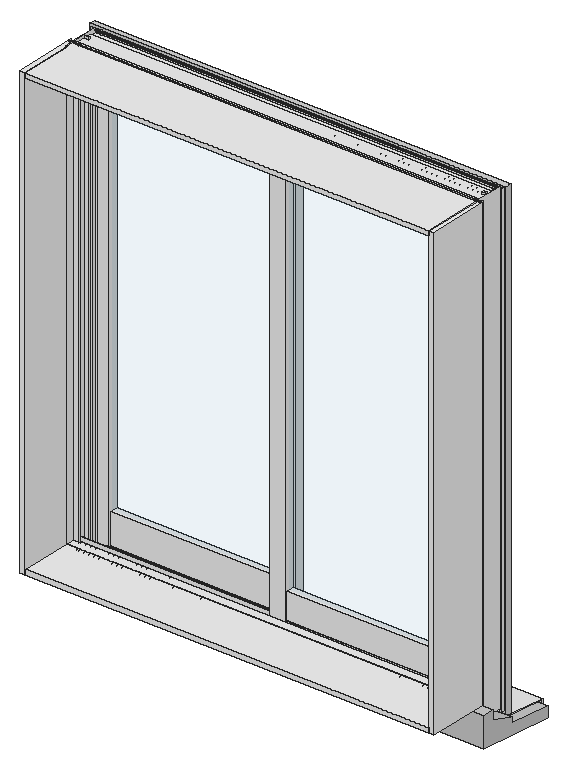
Revit family "K施_窓_01_RC開口_抱有_水切有", category 窓, Revit 2019
Family settings
  ホスト = 壁
  OmniClass 番号 = 23.30.20.00
  OmniClass タイトル = Windows
  常に垂直 = はい
  ロード時にボイドで切り取り = はい
  共有 = いいえ
  部屋計算ポイント = いいえ
Parameters (values of type "AW-0_腰壁（額無・外壁吹付）")
  高さ = 1080 mm
  額縁（上下）負け = 0 mm
  額縁見付 = 12.5 mm
  額縁ちり = 0 mm
  額縁_下枠 = yes
  Description = ""
  解析用性能 = "<なし>"
  水切欠込H = 50 mm
  水切り働き寸法 = 115 mm
  水切り = yes
  既定値の敷居の高さ [instance] = 800 mm
  掃き出し_見切り（KB.YMバリアフリー） = no
  外装抱き仕上 = no
  抱きタイル厚 = 15 mm
  開口処理 = ホスト別
  幅 = 975 mm
  出入表記（掃出し） = no
  出入表記（マタギ） = no
  出入表記距離 [instance] = 200 mm
  仕上厚_外壁 [instance] = 10 mm
  仕上厚_内壁 [instance] = 120 mm
  マテリアル_額縁 = 施04_乾式壁_石膏ﾎﾞｰﾄﾞ
  マテリアル_外壁仕上 = 施03_ﾀｲﾙ_045x95_5目地_肌
  マテリアル_カイダー床見切り = 施06_木材2_額縁_ﾅﾁｭﾗﾙ
  RC_開口H = 高さ + RC_H_逃げ_上端 + RC_H_逃げ_下端  # 1185 mm
  RC_腰ｈ [instance] = 既定値の敷居の高さ - RC_H_逃げ_下端  # 715 mm
  RC_抱き転び = 10 mm
  RC_抱き見込 = 85 mm
  RC_下端転び = 20 mm
  RC_W_逃げ = 15 mm
  RC_W_抱き深さ = 40 mm
  RC_開口W = 幅 + RC_W_逃げ * 2  # 1005 mm
  RC_H_逃げ_下端 = 85 mm
  RC_H_逃げ_上端 = 20 mm
  RC_H_抱き深さ = 40 mm
  AW見込 = 70 mm
  AW見付_W = 15 mm
  AW見付_H（室内額縁） = 15 mm
Types (8, lengths in mm): name | 高さ | 額縁（上下）負け | 額縁見付 | 額縁ちり | 額縁_下枠 | Description | 水切欠込H | 水切り働き寸法 | 既定値の敷居の高さ | 掃き出し_見切り（KB.YMバリアフリー） | 外装抱き仕上 | 出入表記（掃出し） | マテリアル_額縁 | RC_開口H | RC_腰ｈ | RC_W_逃げ | RC_W_抱き深さ | RC_開口W | RC_H_逃げ_下端 | RC_H_逃げ_上端 | RC_H_抱き深さ
  AW-0_腰窓（額有・外壁タイル） | 1080 | 3 | 25 | 10 | yes | "株式会社和建築設計事務所" | 50 | 125 | 800 | no | yes | no | 施06_木材2_額縁_ﾅﾁｭﾗﾙ | 1200 | 715 | 30 | 25 | 1035 | 85 | 35 | 25
  AW-0_掃き出し（額無・外壁タイル） | 1880 | 0 | 12.5 | 0 | no | "株式会社和建築設計事務所" | 115 | 125 | 0 | yes | yes | yes | 施04_乾式壁_石膏ﾎﾞｰﾄﾞ | 2065 | -150 | 30 | 25 | 1035 | 150 | 35 | 25
  AW-0_腰窓（額無・外壁タイル） | 1080 | 0 | 12.5 | 0 | yes | "株式会社和建築設計事務所" | 50 | 125 | 800 | no | yes | no | 施04_乾式壁_石膏ﾎﾞｰﾄﾞ | 1200 | 715 | 30 | 25 | 1035 | 85 | 35 | 25
  AW-0_掃き出し（額有・外壁タイル） | 1880 | 3 | 25 | 10 | no | "株式会社和建築設計事務所" | 115 | 125 | 0 | yes | yes | yes | 施06_木材2_額縁_ﾅﾁｭﾗﾙ | 2065 | -150 | 30 | 25 | 1035 | 150 | 35 | 25
  AW-0_腰壁（額無・外壁吹付） | 1080 | 0 | 12.5 | 0 | yes | "" | 50 | 115 | 800 | no | no | no | 施04_乾式壁_石膏ﾎﾞｰﾄﾞ | 1185 | 715 | 15 | 40 | 1005 | 85 | 20 | 40
  AW-0_掃き出し（額無・外壁吹付） | 1880 | 0 | 12.5 | 0 | no | "株式会社和建築設計事務所" | 115 | 115 | 0 | yes | no | yes | 施04_乾式壁_石膏ﾎﾞｰﾄﾞ | 2050 | -150 | 15 | 40 | 1005 | 150 | 20 | 40
  AW-0_腰壁（額有・外壁吹付） | 1080 | 3 | 25 | 10 | yes | "株式会社和建築設計事務所" | 50 | 115 | 800 | no | no | no | 施06_木材2_額縁_ﾅﾁｭﾗﾙ | 1185 | 715 | 15 | 40 | 1005 | 85 | 20 | 40
  AW-0_掃き出し（額有・外壁吹付） | 1880 | 3 | 25 | 10 | no | "株式会社和建築設計事務所" | 115 | 115 | 0 | yes | no | yes | 施06_木材2_額縁_ﾅﾁｭﾗﾙ | 2050 | -150 | 15 | 40 | 1005 | 150 | 20 | 40
Reference planes
  plane 1 "中心(正面/背面)": y = 0
  plane 2 "中心(左/右)": x = 0
  plane 3 "左": x = -487.5
  plane 4 "右": x = 487.5
  plane 5 "敷居": z = 800
  plane 6 "上枠": z = 1880
  plane 7 "外部": y = 100
  plane 8 "内壁": y = -100
  plane 9 "RC抱き_左": x = -502.5
  plane 10 "RC抱き_右": x = 502.5
  plane 11 "RC抱き深さ_左": x = -542.5
  plane 12 "RC抱き深さ_右": x = 542.5
  plane 13: y = 15
  plane 14: y = 5
  plane 15 "RC_抱き_上": z = 1900
  plane 16 "RC_抱き深さ_上": z = 1940
  plane 17: z = 715
  plane 18: z = 695
  plane 19 "内壁仕上面": y = -220
  plane 20 "外壁仕上面": y = 110
  plane 21 "サッシ外面": y = 0
  plane 22 "サッシ内面": y = -70
  plane 23: y = 65
  plane 24: y = -220
  plane 25 "AW見付_W_左": x = -502.5
  plane 26 "AW見付_上": z = 1895
  plane 27 "AW見付_W_右": x = 502.5
  plane 28 "額縁_右": x = 515
  plane 29 "額縁_左": x = -515
  plane 30 "額縁_下": z = 787.5
  plane 31 "額縁_上": z = 1907.5
  plane 32 "サッシ芯": y = -35
  plane 33: y = 300
Forms (mm)
  Blend 1, void
    base sketch origin (0, -100, 0) x (1, 0, 0) y (0, 0, 1)
      loop
        line (-542.5, 1940) -> (-542.5, 715) -> (542.5, 715) -> (542.5, 1940) -> (-542.5, 1940)
    top sketch origin (0, -100, 0) x (1, 0, 0) y (0, 0, 1)
      loop
        line (-502.5, 1900) -> (-502.5, 715) -> (502.5, 715) -> (502.5, 1900) -> (-502.5, 1900)
    from -105 to -115
  Extrusion 2, void
    sketch origin (0, -100, 0) x (1, 0, 0) y (0, 0, 1)
      loop
        line (-502.5, 1900) -> (-502.5, 715) -> (502.5, 715) -> (502.5, 1900) -> (-502.5, 1900)
    from -115 to -200
  Extrusion 3, void
    sketch origin (-487.5, 0, 0) x (0, -1, 0) y (0, 0, 1)
      loop
        line (100, 715) -> (-5, 715) -> (-5, 754.749) -> (-110, 744.249) -> (-110, 694) -> (100, 715)
    from 55 to -1030
  Extrusion 4, solid, material "施04_乾式壁_石膏ﾎﾞｰﾄﾞ" <- "マテリアル_額縁", detail levels fine
    sketch origin (0, 0, 0) x (1, 0, 0) y (0, 1, 0)
      loop
        line (-505.5, -70) -> (-515, -70) -> (-515, -220) -> (-502.5, -220) -> (-502.5, -90) -> (-505.5, -90) -> (-505.5, -70)
      loop
        line (505.5, -70) -> (505.5, -90) -> (502.5, -90) -> (502.5, -220) -> (515, -220) -> (515, -70) -> (505.5, -70)
    from 787.5 to 1907.5
  Extrusion 5, solid, material "施04_乾式壁_石膏ﾎﾞｰﾄﾞ" <- "マテリアル_額縁", detail levels fine
    sketch origin (487.5, 0, 0) x (0, -1, 0) y (0, 0, 1)
      loop
        line (70, 1907.5) -> (70, 1898) -> (90, 1898) -> (90, 1895) -> (220, 1895) -> (220, 1907.5) -> (70, 1907.5)
    from -15 to 990
  Extrusion 6, solid, material "施04_乾式壁_石膏ﾎﾞｰﾄﾞ" <- "マテリアル_額縁", visible <- "額縁_下枠", detail levels fine
    sketch origin (487.5, 0, 0) x (0, -1, 0) y (0, 0, 1)
      loop
        line (90, 800) -> (90, 797) -> (70, 797) -> (70, 787.5) -> (220, 787.5) -> (220, 800) -> (90, 800)
    from -15 to 990
  Sweep 7, solid, material "施03_ﾀｲﾙ_045x95_5目地_肌" <- "マテリアル_外壁仕上", visible <- "外装抱き仕上", detail levels fine
    path origin (0, 100, 0) x (1, 0, 0) y (0, 0, 1)
      loop
        line (-502.5, 715) -> (-502.5, 1900) -> (502.5, 1900) -> (502.5, 715)
    profile origin (0, 100, 1900) x (0, 0, 1) y (0, -1, 0)
      loop
        line (0, 85) -> (-15, 85) -> (-15, 0) -> (0, 0) -> (0, 85)
  Sweep 8, solid, material "施10_その他_ｼｰﾘﾝｸﾞ目地", detail levels fine
    path origin (0, 0, 0) x (1, 0, 0) y (0, 0, 1)
      loop
        line (502.5, 715) -> (502.5, 1900) -> (-502.5, 1900) -> (-502.5, 715)
    profile origin (0, 0, 1900) x (0, 0, -1) y (0, -1, 0)
      loop
        line (0, -15) -> (0, 0) -> (-15, 0) -> (-15, -15) -> (0, -15)
  Extrusion 9, void
    sketch origin (487.5, 0, 0) x (0, -1, 0) y (0, 0, 1)
      loop
        line (-5, 1940) -> (-5, 715) -> (100, 715) -> (100, 1940) -> (-5, 1940)
    from -55 to 1030
  Extrusion 10, void
    sketch origin (487.5, 0, 0) x (0, -1, 0) y (0, 0, 1)
      loop
        line (-110, 1885) -> (-110, 710.5) -> (-25, 710.5) -> (-25, 1885) -> (-110, 1885)
    from -15 to 990
  Extrusion 11, void
    sketch origin (0, 0, 0) x (0, -1, 0) y (0, 0, 1)
      loop
        line (100, 1907.5) -> (100, 787.5) -> (220, 787.5) -> (220, 1907.5) -> (100, 1907.5)
    from -515 to 515
  Sweep 12, solid, material "施06_木材2_額縁_ﾅﾁｭﾗﾙ" <- "マテリアル_カイダー床見切り", visible <- "掃き出し_見切り（KB.YMバリアフリー）", detail levels fine
    path origin (0, -70, 0) x (-1, 0, 0) y (0, 0, 1)
      loop
        line (502.5, 800) -> (-502.5, 800)
    profile "T施_プロ00_カイダーYM型W35. : T施_プロ00_カイダーYM型W35." origin (0, -70, 800) x (0, 0, -1) y (0, 1, 0)
      loop
        line (0, -55) -> (0, -42.7) -> (12, -42.7) -> (12, -20) -> (8, -20)
        arc (8, -20) -> (7.293, -19.707) -> (7, -19) r 1
        line (7, -19) -> (7, -10)
        arc (7, -10) -> (7.293, -9.293) -> (8, -9) r 1
        arc (8, -9) -> (8.707, -9.293) -> (9, -10) r 1
        line (9, -10) -> (9, -13) -> (12, -13) -> (12, -6) -> (4, -6) -> (3, -7) -> (3, -20) -> (-2.5, -20) -> (-2.5, -52.042)
        arc (-2.5, -52.042) -> (-1.791, -53.978) -> (0, -55) r 3
  Extrusion 13, solid, material "施01_CON/ALC/AL_CON_充填ﾓﾙﾀﾙ", detail levels fine
    sketch origin (487.5, 0, 0) x (0, -1, 0) y (0, 0, 1)
      loop
        line (-100, 722.505) -> (-100, 695) -> (100, 715) -> (100, 787.5) -> (70, 787.5) -> (70, 765) -> (13, 746.207) -> (13, 733.76) -> (-100, 722.505)
    from -55 to 1030
Cuts and joins
  Extrusion 10 cuts Extrusion 5
  Extrusion 10 cuts Extrusion 6
  Extrusion 3, Extrusion 10 cuts Sweep 7
  Extrusion 10 cuts Sweep 8
Lines and regions (mm)
  Masking region 1, detail levels fine
    outline origin (0, 0, 0) x (1, 0, 0) y (0, 1, 0)
      loop
        line (20, -15.729) -> (20, -23.154) -> (502.5, -23.154) -> (502.5, -15.729) -> (20, -15.729)
      loop
        line (-20, -46.971) -> (-502.5, -46.971) -> (-502.5, -55.52) -> (-20, -55.52) -> (-20, -46.971)
  symbolic lines, style "RC立面開口範囲", detail levels coarse+medium
    curve 1: line (502.5, 100, 1900) -> (-502.5, 100, 715)
    curve 2: line (-502.5, 100, 1900) -> (502.5, 100, 715)
Text (mm)
  text "外部" at (-1963.203, 1332.353, 0), in view "参照レベル"
  text "内壁" at (-1981.466, -818.386, 0), in view "参照レベル"
  text "外部" at (0, 923.751, 2943.296), in view "右"
  text "外部" at (0, 1040.484, 2685.409), in view "左"
Dimensions and locks
  equal spacing: plane 3 "左", plane 2 "中心(左/右)", plane 4 "右"
  "幅": plane 3 "左" to plane 4 "右"
  "高さ": plane 5 "敷居" to plane 6 "上枠"
  "既定値の敷居の高さ": plane 5 "敷居" to level
  locked: plane 7 "外部" to host wall at 0
  locked: plane 8 "内壁" to host wall
  "RC_W_逃げ": plane 9 "RC抱き_左" to plane 3 "左"
  "RC_W_逃げ": plane 4 "右" to plane 10 "RC抱き_右"
  plane 9 "RC抱き_左" to plane 10 "RC抱き_右" = 1005 mm
  "RC_W_抱き深さ": plane 11 "RC抱き深さ_左" to plane 9 "RC抱き_左"
  "RC_W_抱き深さ": plane 10 "RC抱き_右" to plane 12 "RC抱き深さ_右"
  "RC_抱き見込": plane 13 to plane 7 "外部"
  "RC_抱き転び": plane 14 to plane 13
  "RC_H_逃げ_下端": plane 17 to plane 5 "敷居"
  "RC_下端転び": plane 18 to plane 17
  "RC_H_逃げ_上端": plane 6 "上枠" to plane 15 "RC_抱き_上"
  "RC_H_抱き深さ": plane 15 "RC_抱き_上" to plane 16 "RC_抱き深さ_上"
  "水切欠込H": Extrusion 3 sketch curve to Extrusion 3 sketch curve
  "仕上厚_外壁": plane 20 "外壁仕上面" to plane 7 "外部"
  "仕上厚_内壁": plane 8 "内壁" to plane 19 "内壁仕上面"
  "額縁ちり": plane 19 "内壁仕上面" to plane 24
  "AW見付_W": plane 25 "AW見付_W_左" to plane 3 "左"
  "AW見付_W": plane 4 "右" to plane 27 "AW見付_W_右"
  "額縁見付": plane 29 "額縁_左" to plane 25 "AW見付_W_左"
  "額縁（上下）負け": plane 24 to Extrusion 5 sketch curve
  "額縁（上下）負け": plane 24 to Extrusion 6 sketch curve
  "AW見付_H（室内額縁）": plane 6 "上枠" to plane 26 "AW見付_上"
  "額縁見付": plane 30 "額縁_下" to plane 5 "敷居"
  "額縁見付": plane 26 "AW見付_上" to plane 31 "額縁_上"
  "額縁見付": plane 27 "AW見付_W_右" to plane 28 "額縁_右"
  locked: Extrusion 4 sketch curve to Extrusion 4 sketch curve at 20  (x2)
  locked: Extrusion 4 sketch curve to Extrusion 4 sketch curve at 3  (x2)
  locked: Extrusion 5 sketch curve to Extrusion 5 sketch curve at 20
  locked: Extrusion 5 sketch curve to Extrusion 5 sketch curve at 3
  locked: Extrusion 6 sketch curve to Extrusion 6 sketch curve at 3
  locked: Extrusion 6 sketch curve to Extrusion 6 sketch curve at 20
  "抱きタイル厚": Sweep 7 sketch curve to plane 15 "RC_抱き_上"
  locked: plane 23 to plane 20 "外壁仕上面" at 45
  locked: plane 21 "サッシ外面" to plane 13 at 15
  "AW見込": plane 22 "サッシ内面" to plane 21 "サッシ外面"
  equal spacing: plane 21 "サッシ外面", plane 32 "サッシ芯", plane 22 "サッシ内面"
  locked: Sweep 8 sketch curve to nested 2 at 20
  "出入表記距離": plane 7 "外部" to plane 33
  aligned and locked: plane 16 "RC_抱き深さ_上" to Blend 1 sketch curve
  aligned and locked: Blend 1 sketch curve to plane 11 "RC抱き深さ_左"
  aligned and locked: Blend 1 sketch curve to plane 17  (x2)
  aligned and locked: plane 12 "RC抱き深さ_右" to Blend 1 sketch curve
  aligned and locked: plane 15 "RC_抱き_上" to Blend 1 sketch curve
  aligned and locked: Blend 1 sketch curve to plane 9 "RC抱き_左"
  aligned and locked: plane 10 "RC抱き_右" to Blend 1 sketch curve
  aligned and locked: Blend 1 to plane 13
  aligned and locked: plane 14 to Blend 1
  aligned and locked: plane 15 "RC_抱き_上" to Extrusion 2 sketch curve
  aligned and locked: Extrusion 2 sketch curve to plane 9 "RC抱き_左"
  aligned and locked: Extrusion 2 sketch curve to plane 17
  aligned and locked: plane 10 "RC抱き_右" to Extrusion 2 sketch curve
  aligned and locked: plane 13 to Extrusion 2
  aligned and locked: Extrusion 3 sketch curve to plane 14
  aligned and locked: host wall to Extrusion 3 sketch curve
  aligned and locked: plane 17 to Extrusion 3 sketch curve
  aligned and locked: Extrusion 3 to plane 12 "RC抱き深さ_右"
  aligned and locked: plane 22 "サッシ内面" to Extrusion 4 sketch curve
  aligned and locked: Extrusion 4 sketch curve to plane 25 "AW見付_W_左"
  aligned and locked: Extrusion 4 sketch curve to plane 24
  aligned and locked: plane 29 "額縁_左" to Extrusion 4 sketch curve
  aligned and locked: Extrusion 4 sketch curve to plane 22 "サッシ内面"
  aligned and locked: plane 27 "AW見付_W_右" to Extrusion 4 sketch curve
  aligned and locked: plane 24 to Extrusion 4 sketch curve
  aligned and locked: plane 28 "額縁_右" to Extrusion 4 sketch curve
  aligned and locked: plane 27 "AW見付_W_右" to Extrusion 5
  aligned and locked: plane 25 "AW見付_W_左" to Extrusion 5
  aligned and locked: plane 30 "額縁_下" to Extrusion 4
  aligned and locked: plane 5 "敷居" to Extrusion 6 sketch curve
  aligned and locked: Extrusion 6 sketch curve to plane 22 "サッシ内面"
  aligned and locked: plane 26 "AW見付_上" to Extrusion 5
  aligned and locked: plane 25 "AW見付_W_左" to Extrusion 6
  aligned and locked: Extrusion 4 to plane 31 "額縁_上"
  aligned and locked: plane 27 "AW見付_W_右" to Extrusion 6
  aligned and locked: plane 15 "RC_抱き_上" to Sweep 7 sketch curve  (x2)
  aligned and locked: Sweep 7 sketch curve to plane 13
  aligned and locked: Sweep 7 to plane 23  (x4)
  aligned and locked: plane 23 to Sweep 7  (x3)
  aligned and locked: plane 17 to Sweep 7 sketch curve  (x2)
  aligned and locked: nested 1 to plane 2 "中心(左/右)"
  aligned and locked: nested 1 to plane 32 "サッシ芯"
  aligned and locked: nested 2 to plane 2 "中心(左/右)"
  aligned and locked: nested 2 to plane 32 "サッシ芯"
  aligned and locked: plane 25 "AW見付_W_左" to Sweep 8 sketch curve
  aligned and locked: Sweep 8 sketch curve to plane 27 "AW見付_W_右"
  aligned and locked: plane 17 to Sweep 8 sketch curve  (x2)
  aligned and locked: plane 11 "RC抱き深さ_左" to Extrusion 9
  aligned and locked: Extrusion 9 to plane 12 "RC抱き深さ_右"
  aligned and locked: host wall to Extrusion 2
  aligned and locked: Extrusion 10 sketch curve to Sweep 7
  aligned and locked: Extrusion 10 sketch curve to nested 1
  aligned and locked: Extrusion 10 to plane 25 "AW見付_W_左"
  aligned and locked: plane 27 "AW見付_W_右" to Extrusion 10
  aligned and locked: plane 31 "額縁_上" to Extrusion 11 sketch curve
  aligned and locked: Extrusion 11 sketch curve to plane 30 "額縁_下"
  aligned and locked: plane 24 to Extrusion 11 sketch curve
  aligned and locked: Extrusion 11 to plane 28 "額縁_右"
  aligned and locked: plane 29 "額縁_左" to Extrusion 11
  aligned and locked: Sweep 7 sketch curve to plane 7 "外部"
  aligned and locked: Masking region 1 sketch curve to nested 2
  aligned and locked: plane 25 "AW見付_W_左" to Masking region 1 sketch curve
  aligned and locked: nested 2 to Masking region 1 sketch curve
  aligned and locked: Masking region 1 sketch curve to plane 27 "AW見付_W_右"
  aligned and locked: host wall to Extrusion 13 sketch curve  (x2)
  aligned and locked: Extrusion 13 to plane 12 "RC抱き深さ_右"
  aligned and locked: plane 11 "RC抱き深さ_左" to Extrusion 13
  aligned and locked: Extrusion 13 sketch curve to Extrusion 11
  aligned and locked: nested 1 to Extrusion 13 sketch curve  (x2)
  aligned and locked: Extrusion 3 sketch curve to plane 20 "外壁仕上面"
  aligned and locked: cut or joined group of Extrusion 3, Sweep 7, Extrusion 10 to cut or joined group of Extrusion 3, Sweep 7, Extrusion 10
  aligned and locked: nested 3 to plane 2 "中心(左/右)"
  aligned and locked: plane 33 to nested 3
  aligned and locked: plane 8 "内壁" to Extrusion 11 sketch curve
  aligned and locked: Extrusion 9 sketch curve to plane 8 "内壁"
  aligned and locked: plane 11 "RC抱き深さ_左" to Extrusion 3
Automatic sketch dimensions
  plane 9 "RC抱き_左" to curve 1 = 0 mm
  plane 9 "RC抱き_左" to curve 2 = 0 mm
  plane 10 "RC抱き_右" to curve 2 = 0 mm
  plane 10 "RC抱き_右" to curve 1 = 0 mm
  curve 1 to plane 17 = 0 mm
  curve 2 to plane 17 = 0 mm
  curve 2 to plane 15 "RC_抱き_上" = 0 mm
  curve 1 to plane 15 "RC_抱き_上" = 0 mm
  plane 9 "RC抱き_左" to Sweep 7 sketch curve = 0 mm
  plane 10 "RC抱き_右" to Sweep 7 sketch curve = 0 mm
  plane 22 "サッシ内面" to Masking region 1 sketch curve = 14.48 mm
  Masking region 1 sketch curve to Masking region 1 sketch curve = 8.548 mm
  plane 32 "サッシ芯" to Masking region 1 sketch curve = 11.846 mm
  Masking region 1 sketch curve to Masking region 1 sketch curve = 7.425 mm
  Sweep 8 sketch curve to plane 21 "サッシ外面" = 0 mm
  Sweep 8 sketch curve to profile plane = 0 mm
  profile plane to Sweep 8 sketch curve = 15 mm
  Sweep 8 sketch curve to Sweep 8 sketch curve = 15 mm
  plane 24 to Extrusion 10 sketch curve = 245 mm
  Extrusion 10 sketch curve to plane 20 "外壁仕上面" = 0 mm
  Sweep 12 sketch curve to plane 5 "敷居" = 0 mm
  Sweep 12 sketch curve to plane 27 "AW見付_W_右" = 0 mm
  plane 25 "AW見付_W_左" to Sweep 12 sketch curve = 0 mm
  plane 18 to Extrusion 13 sketch curve = 0 mm
  plane 17 to Extrusion 13 sketch curve = 0 mm
  host wall to Extrusion 13 sketch curve = 13 mm
  Extrusion 13 sketch curve to Extrusion 13 sketch curve = 12.448 mm
  Extrusion 13 sketch curve to Extrusion 13 sketch curve = 22.5 mm
  Extrusion 9 sketch curve to plane 14 = 0 mm
  plane 17 to Extrusion 9 sketch curve = 0 mm
  plane 16 "RC_抱き深さ_上" to Extrusion 9 sketch curve = 0 mm
  plane 18 to Extrusion 3 sketch curve = 1 mm
  Extrusion 5 sketch curve to plane 22 "サッシ内面" = 0 mm
  plane 26 "AW見付_上" to Extrusion 5 sketch curve = 0 mm
  plane 31 "額縁_上" to Extrusion 5 sketch curve = 0 mm
  plane 30 "額縁_下" to Extrusion 6 sketch curve = 0 mm
Nested families
  nested 1: "T施_窓00_AW枠_引き違い" at (0, -35, 800), 高さ <- "高さ", 幅 <- "幅", built-in parameter 1001364 <- "既定値の敷居の高さ", type "T施_窓00_AW枠_引き違い", detail levels fine
    with 高さ 1080 mm, 幅 975 mm, 水切働き寸法 115 mm
  nested 2: "T施_窓00_AW障子_引き違い" at (0, -35, 800) x (-1, 0, 0) z (0, 0, 1), 高さ <- "高さ", 幅 <- "幅", built-in parameter 1001364 <- "既定値の敷居の高さ", type "T施_窓00_AW障子_引き違い", detail levels fine
    with 高さ 1080 mm, 幅 975 mm
  nested 3: "t_出入表記" at (0, 300, 0), 出入表記（マタギ） <- "出入表記（マタギ）", 出入表記（掃出し） <- "出入表記（掃出し）", type "t_出入表記"
    with 出入表記（掃出し） no, 出入表記（マタギ） no
Definition of nested family "T施_窓00_AW枠_引き違い"
  Parameters (values of type "T施_窓00_AW枠_引き違い")
    Description = "株式会社和建築設計事務所"
    Manufacturer = "三協立山アルミ"
    水切働き寸法 = 125 mm
    水切りチリ = 15 mm
    水切り2 = 12 mm
    水切1 = 12.5 mm
    水切 = yes
    Visual Light Transmittance = 0.9
    Solar Heat Gain Coefficient = 0.78
    Height [instance] = 1000 mm
    Heat Transfer Coefficient (U) = 3.6886 W/(m²·K)
    枠マテリアル = none
    Width [instance] = 500 mm
    Analytic Construction = "1/8 インチ ピルキントン一重ガラス"
    AW枠見込 = 70 mm
  Reference planes
    plane 1 "中心(正面/背面)": y = 0
    plane 2 "下": z = 0
    plane 3 "中心(左/右)": x = 0
    plane 4 "右": x = -250
    plane 5 "左": x = 250
    plane 6 "上": z = 1000
    plane 7 "背面": y = 35
    plane 8 "正面": y = -35
    plane 9: z = 500
    plane 10: x = -275
    plane 11: x = 275
    plane 12: y = -55
    plane 13: z = 1030
    plane 14: z = -55
    plane 15: x = -265
    plane 16: x = 265
    plane 17: z = 1015
    plane 18: z = -65
    plane 19: z = -77.5
    plane 20: z = -89.5
    plane 21: y = 160
    plane 22: x = 280
    plane 23: x = -280
    plane 24: y = 145
  Forms (mm)
    Sweep 1, solid, material <- "枠マテリアル", detail levels fine
      path origin (-250, 0, 0) x (0, 1, 0) y (0, 0, 1)
        loop
          line (0, -55) -> (0, 1030)
      profile "T施_プロF_AW_引き違い_竪枠 : T施_プロF_AW_引き違い_竪枠" origin (-250, 0, 487.5) x (0, -1, 0) y (1, 0, 0)
        loop
          line (35, -0.001) -> (33.2, -0.001) -> (33.2, -0.801) -> (34, -0.801) -> (34, -15.001) -> (2.5, -15.001) -> (2.5, -2.001) -> (-1, -2.001) -> (-1, -9.501) -> (1.3, -9.501) -> (1.3, -15.001) -> (-34, -15.001) -> (-34, -0.801) -> (-33.2, -0.801) -> (-33.2, 0) -> (-35, 0) -> (-35, -25.001) -> (-30, -25.001) -> (-30, -24.001) -> (-34, -24.001) -> (-34, -16.201) -> (34, -16.201) -> (34, -24.001) -> (30, -24.001) -> (30, -25.001) -> (35, -25.001) -> (35, -16.201) -> (54, -16.201) -> (54, -18.001) -> (55, -18.001) -> (55, -15.001) -> (35, -15.001) -> (35, -0.001)
    Sweep 2, solid, material <- "枠マテリアル", detail levels fine
      path origin (250, 0, 0) x (0, 1, 0) y (0, 0, 1)
        loop
          line (0, -55) -> (0, 1030)
      profile "T施_プロF_AW_引き違い_竪枠 : T施_プロF_AW_引き違い_竪枠" origin (250, 0, 487.5) x (0, -1, 0) y (1, 0, 0)
        loop
          line (35, 0.001) -> (35, 15.001) -> (55, 15.001) -> (55, 18.001) -> (54, 18.001) -> (54, 16.201) -> (35, 16.201) -> (35, 25.001) -> (30, 25.001) -> (30, 24.001) -> (34, 24.001) -> (34, 16.201) -> (-34, 16.201) -> (-34, 24.001) -> (-30, 24.001) -> (-30, 25.001) -> (-35, 25.001) -> (-35, 0) -> (-33.2, 0) -> (-33.2, 0.801) -> (-34, 0.801) -> (-34, 15.001) -> (1.3, 15.001) -> (1.3, 9.501) -> (-1, 9.501) -> (-1, 2.001) -> (2.5, 2.001) -> (2.5, 15.001) -> (34, 15.001) -> (34, 0.801) -> (33.2, 0.801) -> (33.2, 0.001) -> (35, 0.001)
    Sweep 3, solid, material <- "枠マテリアル", detail levels fine
      path origin (0, 0, 0) x (1, 0, 0) y (0, 0, 1)
        loop
          line (-265, 1000) -> (265, 1000)
      profile "T施_プロF_AW_引き違い_上枠 : T施_プロF_AW_引き違い_上枠" origin (0, 0, 1000) x (0, 0, 1) y (0, -1, 0)
        loop
          line (0, -35) -> (30, -35) -> (30, -30) -> (28.8, -30) -> (28.8, -34) -> (21.2, -34) -> (21.2, -17.502) -> (25.2, -17.502) -> (25.2, 23.996) -> (21.2, 23.996) -> (21.2, 34) -> (28.8, 34) -> (28.8, 30) -> (30, 30) -> (30, 35) -> (16.2, 35) -> (16.2, 54) -> (18, 54) -> (18, 55) -> (15, 55) -> (15, 35) -> (0, 35) -> (0, 31) -> (7.761, 31) -> (7.761, 33.35) -> (20, 33.35) -> (20, 17.5) -> (24, 17.5) -> (24, 1.3) -> (20.7, 1.3) -> (20.7, 3) -> (0, 3) -> (0, -1) -> (7.5, -1) -> (7.5, 1.35) -> (19.05, 1.35) -> (19.05, -0.35) -> (24, -0.35) -> (24, -10.039) -> (20, -10.039) -> (20, -15.15) -> (0, -15.15) -> (0, -16.85) -> (20, -16.85) -> (20, -33.8) -> (0, -33.8) -> (0, -35)
    Sweep 4, solid, material <- "枠マテリアル", detail levels fine
      path origin (0, 0, 0) x (1, 0, 0) y (0, 0, 1)
        loop
          line (-265, 0) -> (265, 0)
      profile "T施_プロF_AW_引き違い_下枠 : T施_プロF_AW_引き違い_下枠" origin (0, 0, 0) x (0, 0, 1) y (0, -1, 0)
        loop
          line (-65, -23) -> (-55, -23) -> (-55, -35) -> (-45.5, -35) -> (-45.5, -33.8) -> (-53.2, -33.8) -> (-53.2, -27.5) -> (-45.5, -27.5) -> (-45.5, -16.5) -> (-33, -16.5) -> (-33, -14.7) -> (-45.5, -14.7) -> (-45.5, -1) -> (-34, 14.5) -> (-19.3, 14.5) -> (-19.3, 2.35) -> (-25.5, 2.35) -> (-25.5, -1) -> (-18, -1) -> (-18, 15.4) -> (0, 15.4) -> (0, 17.3) -> (-16.5, 17.3) -> (-16.5, 33.35) -> (0, 33.35) -> (0, 55) -> (-3, 55) -> (-3, 54) -> (-1.2, 54) -> (-1.2, 35) -> (-35, 35) -> (-36.797, 31.232) -> (-35.895, 30.801) -> (-34.369, 34) -> (-27.5, 34) -> (-27.5, 25.275) -> (-46.95, -0.94) -> (-46.95, -25.85) -> (-53.8, -25.85) -> (-53.8, -22) -> (-65, -22) -> (-65, -23)
    Extrusion 5, void, detail levels fine
      sketch origin (-250, 0, 0) x (0, 1, 0) y (0, 0, 1)
        loop
          line (-55, 1030) -> (-55, 1018.025) -> (-35, 1018.025) -> (-35, 1030) -> (-55, 1030)
        loop
          line (-35, -55) -> (-35, -3) -> (-55, -3) -> (-55, -55) -> (-35, -55)
      from -25 to 525
    Extrusion 6, solid, material <- "枠マテリアル", visible <- "水切", detail levels fine
      sketch origin (0, 0, 0) x (0, 1, 0) y (0, 0, 1)
        loop
          line (160, -89.5) -> (160, -77.5) -> (24.5, -65) -> (24.5, -55) -> (23, -55) -> (23, -66.34) -> (158.5, -78.84) -> (158.5, -89.5) -> (160, -89.5)
      from -280 to 280
  Cuts and joins
    Extrusion 5 cuts Sweep 3
    Extrusion 5 cuts Sweep 1
    Extrusion 5 cuts Sweep 2
  Lines and regions (mm)
    symbolic lines, detail levels medium+fine
      curve 1: line (265, 35, 0) -> (-265, 35, 0)
  Dimensions and locks
    equal spacing: plane 4 "右", plane 3 "中心(左/右)", plane 5 "左"
    "Width": plane 4 "右" to plane 5 "左"
    "Height": plane 6 "上" to plane 2 "下"
    equal spacing: plane 6 "上", plane 9, plane 2 "下"
    "AW枠見込": plane 8 "正面" to plane 7 "背面"
    equal spacing: plane 8 "正面", plane 1 "中心(正面/背面)", plane 7 "背面"
    locked: plane 12 to plane 8 "正面" at 20
    locked: plane 13 to plane 6 "上" at 30
    locked: plane 2 "下" to plane 14 at 55
    locked: Extrusion 5 sketch curve to plane 17 at 3.025
    locked: plane 2 "下" to Extrusion 5 sketch curve at 3
    locked: plane 17 to plane 6 "上" at 15
    locked: plane 10 to plane 4 "右" at 25
    locked: plane 15 to plane 4 "右" at 15
    locked: plane 5 "左" to plane 11 at 25
    locked: plane 5 "左" to plane 16 at 15
    locked: plane 14 to plane 18 at 10
    "水切1": plane 19 to plane 18
    "水切り2": plane 20 to plane 19
    "水切働き寸法": plane 21 to plane 7 "背面"
    locked: plane 23 to plane 4 "右" at 30
    locked: plane 5 "左" to plane 22 at 30
    locked: plane 7 "背面" to Sweep 4 at 12
    "水切りチリ": plane 24 to plane 21
    aligned and locked: plane 16 to Sweep 3 sketch curve
    aligned and locked: plane 15 to Sweep 3 sketch curve
    aligned and locked: plane 16 to Sweep 4 sketch curve
    aligned and locked: plane 15 to Sweep 4 sketch curve
    aligned and locked: Extrusion 5 sketch curve to plane 12
    aligned and locked: plane 8 "正面" to Extrusion 5 sketch curve
    aligned and locked: Extrusion 5 sketch curve to plane 13
    aligned and locked: plane 11 to Extrusion 5
    aligned and locked: plane 10 to Extrusion 5
    aligned and locked: plane 14 to Extrusion 5 sketch curve
    aligned and locked: plane 20 to Extrusion 6 sketch curve
    aligned and locked: Extrusion 6 sketch curve to plane 14
    aligned and locked: Extrusion 6 sketch curve to plane 19
    aligned and locked: plane 18 to Extrusion 6 sketch curve
    aligned and locked: plane 22 to Extrusion 6
    aligned and locked: plane 23 to Extrusion 6
    aligned and locked: curve 1 to Sweep 4
    aligned and locked: plane 21 to Extrusion 6
  Automatic sketch dimensions
    curve 1 to plane 15 = 0 mm
    curve 1 to plane 16 = 0 mm
    Sweep 1 sketch curve to plane 1 "中心(正面/背面)" = 0 mm
    Sweep 1 sketch curve to plane 14 = 0 mm
    Sweep 1 sketch curve to plane 13 = 0 mm
    Sweep 2 sketch curve to plane 1 "中心(正面/背面)" = 0 mm
    Sweep 2 sketch curve to plane 14 = 0 mm
    Sweep 2 sketch curve to plane 13 = 0 mm
    Sweep 3 sketch curve to plane 6 "上" = 0 mm
    Sweep 4 sketch curve to level = 0 mm
    Extrusion 5 sketch curve to plane 12 = 0 mm
    Extrusion 5 sketch curve to plane 8 "正面" = 0 mm
    Extrusion 6 sketch curve to plane 21 = 0 mm
    Extrusion 6 sketch curve to Extrusion 6 sketch curve = 1.5 mm  (x2)
    plane 7 "背面" to Extrusion 6 sketch curve = 10.5 mm
    plane 19 to Extrusion 6 sketch curve = 1.34 mm
    plane 18 to Extrusion 6 sketch curve = 1.34 mm
Definition of nested family "T施_窓00_AW障子_引き違い"
  Parameters (values of type "T施_窓00_AW障子_引き違い")
    障子見付_上 = 35 mm
    Description = "株式会社和建築設計事務所"
    Manufacturer = "三協立山アルミ"
    Visual Light Transmittance = 0.9
    Solar Heat Gain Coefficient = 0.78
    Height [instance] = 1000 mm
    Heat Transfer Coefficient (U) = 3.6886 W/(m²·K)
    障子見付-左右 = 40 mm
    障子見付-下 = 65 mm
    枠マテリアル = none
    Width [instance] = 1000 mm
    パネル厚 = 30 mm
    ガラス記号-左上 = no
    ガラス記号-右上 = yes
    ガラスマテリアル = none
    Analytic Construction = "1/8 インチ ピルキントン一重ガラス"
  Reference planes
    plane 1 "中心(正面/背面)": y = 0
    plane 2 "下": z = 0
    plane 3 "中心(左/右)": x = 0
    plane 4 "右": x = -500
    plane 5 "左": x = 500
    plane 6 "上": z = 1000
    plane 7 "背面": y = 30
    plane 8 "正面": y = -30
    plane 9: x = -460
    plane 10: x = 460
    plane 11: x = -20
    plane 12: x = 20
    plane 13: z = 965
    plane 14: z = 65
    plane 15: z = 500
    plane 16: y = 15
    plane 17: y = -15
  Forms (mm)
    Extrusion 1, solid, material <- "ガラスマテリアル", detail levels fine
      sketch origin (1489.713, 30, 1200) x (1, 0, 0) y (0, 0, 1)
        loop
          line (-1956.713, -1142) -> (-1502.713, -1142) -> (-1502.713, -228) -> (-1956.713, -228) -> (-1956.713, -1142)
      from 11.5 to 16.5
    Extrusion 2, solid, material <- "ガラスマテリアル", detail levels fine
      sketch origin (0, 0, -5) x (1, 0, 0) y (0, 0, 1)
        loop
          line (13, 63) -> (467, 63) -> (467, 977) -> (13, 977) -> (13, 63)
      from 13.5 to 18.5
    Extrusion 3, solid, material <- "枠マテリアル", detail levels fine
      sketch origin (0, 0, 0) x (0, 1, 0) y (0, 0, 1)
        loop
          line (-25.3, 1008) -> (-25.3, 965) -> (-6.7, 965) -> (-6.7, 998) -> (-4.5, 998) -> (-4.5, 1008) -> (-25.3, 1008)
        loop
          line (-6.7, 65) -> (-25.3, 65) -> (-25.3, -40) -> (-4.5, -40) -> (-4.5, -11) -> (-6.7, -11) -> (-6.7, 65)
      from 20 to 460
    Extrusion 4, solid, detail levels fine
      sketch origin (0, 0, 0) x (0, 1, 0) y (0, 0, 1)
        loop
          line (6.7, 1008) -> (6.7, 965) -> (25.3, 965) -> (25.3, 998) -> (27.5, 998) -> (27.5, 1008) -> (6.7, 1008)
        loop
          line (6.7, 65) -> (6.7, -7) -> (27.5, -7) -> (27.5, 0) -> (25.3, 0) -> (25.3, 65) -> (6.7, 65)
      from -460 to -20
    Extrusion 5, solid, material <- "枠マテリアル", detail levels fine
      sketch origin (0, 0, 0) x (1, 0, 0) y (0, 1, 0)
        loop
          line (485, -4.5) -> (457, -4.5) -> (457, -27.5) -> (485, -27.5) -> (485, -22.5) -> (497, -22.5) -> (497, -27.5) -> (506, -27.5) -> (512, -26.2) -> (512, -23.2) -> (506, -23.2) -> (506, -26.5) -> (499, -26.5) -> (499, -5.5) -> (506, -5.5) -> (506, -8.8) -> (512, -8.8) -> (512, -5.8) -> (506, -4.5) -> (497, -4.5) -> (497, -9.5) -> (485, -9.5) -> (485, -4.5)
        loop
          line (-20, -4.5) -> (-20, -27.5) -> (20, -27.5) -> (20, -4.5) -> (-20, -4.5)
      from -40 to 1008
    Extrusion 6, solid, material <- "枠マテリアル", detail levels fine
      sketch origin (0, 0, 0) x (1, 0, 0) y (0, 1, 0)
        loop
          line (-485, 27.5) -> (-485, 22.5) -> (-497, 22.5) -> (-497, 27.5) -> (-506, 27.5) -> (-512, 26.2) -> (-512, 23.2) -> (-506, 23.2) -> (-506, 26.5) -> (-499, 26.5) -> (-499, 5.5) -> (-506, 5.5) -> (-506, 8.8) -> (-512, 8.8) -> (-512, 5.8) -> (-506, 4.5) -> (-497, 4.5) -> (-497, 9.5) -> (-485, 9.5) -> (-485, 4.5) -> (-457, 4.5) -> (-457, 27.5) -> (-485, 27.5)
        loop
          line (-20, 27.5) -> (-20, 4.5) -> (20, 4.5) -> (20, 27.5) -> (-20, 27.5)
      from -7 to 1008
  Dimensions and locks
    equal spacing: plane 4 "右", plane 3 "中心(左/右)", plane 5 "左"
    "Width": plane 4 "右" to plane 5 "左"
    "Height": plane 6 "上" to plane 2 "下"
    "障子見付_上": plane 6 "上" to plane 13
    "障子見付-下": plane 14 to plane 2 "下"
    "障子見付-左右": plane 4 "右" to plane 9
    "障子見付-左右": plane 10 to plane 5 "左"
    "障子見付-左右": plane 11 to plane 12
    equal spacing: plane 11, plane 3 "中心(左/右)", plane 12
    equal spacing: plane 6 "上", plane 15, plane 2 "下"
    "パネル厚": plane 1 "中心(正面/背面)" to plane 7 "背面"
    "パネル厚": plane 8 "正面" to plane 1 "中心(正面/背面)"
    equal spacing: plane 1 "中心(正面/背面)", plane 16, plane 7 "背面"
    equal spacing: plane 8 "正面", plane 17, plane 1 "中心(正面/背面)"
    locked: Extrusion 3 sketch curve to plane 6 "上" at 8
    locked: plane 2 "下" to Extrusion 3 sketch curve at 40
    locked: plane 6 "上" to Extrusion 4 sketch curve at 8
    locked: plane 2 "下" to Extrusion 4 sketch curve at 7
    locked: Extrusion 2 sketch curve to plane 13 at 7
    locked: plane 14 to Extrusion 2 sketch curve at 7
    locked: Extrusion 2 sketch curve to plane 10 at 7
    locked: plane 12 to Extrusion 2 sketch curve at 7
    locked: plane 9 to Extrusion 1 sketch curve at 7
    locked: Extrusion 1 sketch curve to plane 11 at 7
    locked: plane 14 to Extrusion 1 sketch curve at 7
    locked: Extrusion 1 sketch curve to plane 13 at 7
    aligned and locked: plane 10 to nested 3
    aligned and locked: nested 6 to plane 10
    aligned and locked: nested 9 to plane 11
    aligned and locked: plane 11 to nested 2
    aligned and locked: plane 12 to nested 7
    aligned and locked: nested 5 to plane 12
    aligned and locked: nested 4 to plane 9
    aligned and locked: plane 9 to nested 8
    aligned and locked: nested 3 to plane 13
    aligned and locked: plane 13 to nested 7
    aligned and locked: nested 2 to plane 13
    aligned and locked: plane 13 to nested 8
    aligned and locked: nested 6 to plane 14
    aligned and locked: plane 14 to nested 5
    aligned and locked: nested 9 to plane 14
    aligned and locked: plane 14 to nested 4
    aligned and locked: plane 3 "中心(左/右)" to nested 1
    aligned and locked: nested 1 to plane 15
    aligned and locked: plane 13 to Extrusion 3 sketch curve
    aligned and locked: Extrusion 3 sketch curve to plane 14
    aligned and locked: plane 13 to Extrusion 4 sketch curve
    aligned and locked: Extrusion 4 sketch curve to plane 14
    aligned and locked: Extrusion 4 sketch curve to plane 2 "下"
    aligned and locked: plane 11 to Extrusion 4
    aligned and locked: Extrusion 3 to plane 12
    aligned and locked: plane 10 to Extrusion 3
    aligned and locked: Extrusion 4 to plane 9
    aligned and locked: Extrusion 4 to plane 11
    aligned and locked: plane 12 to Extrusion 3
    aligned and locked: Extrusion 5 to Extrusion 4
    aligned and locked: Extrusion 6 to Extrusion 4  (x2)
    aligned and locked: Extrusion 5 to Extrusion 3
  Automatic sketch dimensions
    Extrusion 3 sketch curve to plane 6 "上" = 2 mm
    Extrusion 3 sketch curve to plane 8 "正面" = 4.7 mm  (x2)
    Extrusion 3 sketch curve to Extrusion 3 sketch curve = 2.2 mm  (x2)
    plane 1 "中心(正面/背面)" to Extrusion 3 sketch curve = 4.5 mm  (x2)
    Extrusion 3 sketch curve to Extrusion 3 sketch curve = 29 mm
    Extrusion 4 sketch curve to plane 1 "中心(正面/背面)" = 6.7 mm  (x2)
    plane 7 "背面" to Extrusion 4 sketch curve = 2.5 mm
    Extrusion 4 sketch curve to plane 6 "上" = 2 mm
    plane 7 "背面" to Extrusion 4 sketch curve = 4.7 mm
    Extrusion 4 sketch curve to Extrusion 4 sketch curve = 2.2 mm  (x2)
    Extrusion 5 sketch curve to plane 11 = 0 mm
    Extrusion 5 sketch curve to plane 12 = 0 mm
    Extrusion 5 sketch curve to plane 10 = 3 mm
    plane 1 "中心(正面/背面)" to Extrusion 5 sketch curve = 4.5 mm  (x2)
    Extrusion 5 sketch curve to plane 5 "左" = 15 mm  (x2)
    Extrusion 5 sketch curve to plane 8 "正面" = 2.5 mm  (x3)
    Extrusion 5 sketch curve to plane 5 "左" = 3 mm  (x2)
    Extrusion 5 sketch curve to plane 5 "左" = 1 mm
    plane 5 "左" to Extrusion 5 sketch curve = 6 mm  (x2)
    Extrusion 5 sketch curve to Extrusion 5 sketch curve = 0 mm  (x2)
    Extrusion 5 sketch curve to Extrusion 5 sketch curve = 6 mm  (x2)
    Extrusion 5 sketch curve to Extrusion 5 sketch curve = 1 mm  (x2)
    Extrusion 5 sketch curve to plane 8 "正面" = 3.8 mm
    Extrusion 5 sketch curve to Extrusion 5 sketch curve = 3 mm  (x2)
    Extrusion 5 sketch curve to Extrusion 5 sketch curve = 4 mm
    Extrusion 5 sketch curve to Extrusion 5 sketch curve = 5 mm
    plane 17 to Extrusion 5 sketch curve = 6.2 mm
    Extrusion 5 sketch curve to Extrusion 5 sketch curve = 3.3 mm
    Extrusion 6 sketch curve to plane 11 = 0 mm
    Extrusion 6 sketch curve to plane 12 = 0 mm
    plane 9 to Extrusion 6 sketch curve = 3 mm
    Extrusion 6 sketch curve to plane 16 = 5.5 mm
    plane 4 "右" to Extrusion 6 sketch curve = 15 mm
    Extrusion 6 sketch curve to Extrusion 6 sketch curve = 0 mm  (x3)
    plane 4 "右" to Extrusion 6 sketch curve = 3 mm  (x2)
    plane 4 "右" to Extrusion 6 sketch curve = 1 mm
    Extrusion 6 sketch curve to plane 4 "右" = 6 mm  (x2)
    plane 7 "背面" to Extrusion 6 sketch curve = 2.5 mm  (x3)
    Extrusion 6 sketch curve to Extrusion 6 sketch curve = 6 mm  (x2)
    Extrusion 6 sketch curve to plane 16 = 6.2 mm
    Extrusion 6 sketch curve to Extrusion 6 sketch curve = 3 mm  (x2)
    Extrusion 6 sketch curve to Extrusion 6 sketch curve = 3.3 mm
    Extrusion 6 sketch curve to Extrusion 6 sketch curve = 1 mm  (x2)
    Extrusion 6 sketch curve to plane 1 "中心(正面/背面)" = 4.5 mm  (x2)
    Extrusion 6 sketch curve to Extrusion 6 sketch curve = 5 mm
    plane 7 "背面" to Extrusion 6 sketch curve = 6.8 mm
  Nested families
    nested 1: "引違い表記" at (0, 0, 500) x (1, 0, 0) z (0, -1, 0), type "引違い表記"
    nested 2: "ガラス表記" at (-20, 0, 965) x (1, 0, 0) z (0, -1, 0), visible <- "ガラス記号-左上", type "ガラス表記"
    nested 3: "ガラス表記" at (460, 0, 965) x (1, 0, 0) z (0, -1, 0), visible <- "ガラス記号-左上", type "ガラス表記"
    nested 4: "ガラス表記" at (-460, 0, 65) x (-1, 0, 0) z (0, -1, 0), visible <- "ガラス記号-左上", type "ガラス表記"
    nested 5: "ガラス表記" at (20, 0, 65) x (-1, 0, 0) z (0, -1, 0), visible <- "ガラス記号-左上", type "ガラス表記"
    nested 6: "ガラス表記" at (460, 0, 65) x (0, 0, -1) z (0, -1, 0), visible <- "ガラス記号-右上", type "ガラス表記"
    nested 7: "ガラス表記" at (20, 0, 965) x (0, 0, 1) z (0, -1, 0), visible <- "ガラス記号-右上", type "ガラス表記"
    nested 8: "ガラス表記" at (-460, 0, 965) x (0, 0, 1) z (0, -1, 0), visible <- "ガラス記号-右上", type "ガラス表記"
    nested 9: "ガラス表記" at (-20, 0, 65) x (0, 0, -1) z (0, -1, 0), visible <- "ガラス記号-右上", type "ガラス表記"
  Definition of nested family "引違い表記"
    Reference planes
      plane 1 "中心(正面/背面)": y = 0
      plane 2: z = 0
      plane 3 "中心(左/右)": x = 0
    Lines and regions (mm)
      detail lines, in view "参照レベル"
        curve 1: line (-150, 0, 0) -> (150, 0, 0)
        curve 2: line (-150, 0, 0) -> (-53.407, 25.882, 0)
        curve 3: line (150, 0, 0) -> (53.407, -25.882, 0)
  Definition of nested family "ガラス表記"
    Reference planes
      plane 1 "中心(正面/背面)": y = 0
      plane 2: z = 0
      plane 3 "中心(左/右)": x = 0
    Lines and regions (mm)
      detail lines, in view "参照レベル"
        curve 1: line (-84.853, -63.64, 0) -> (-21.213, 0, 0)
        curve 2: line (0, -21.213, 0) -> (-63.64, -84.853, 0)
    Dimensions and locks
      aligned: plane 1 "中心(正面/背面)" to curve 1
Definition of nested family "t_出入表記"
  Parameters (values of type "t_出入表記")
    出入表記（掃出し） [instance] = yes
    出入表記（マタギ） [instance] = yes
  Reference planes
    plane 1 "中心(正面/背面)": y = 0
    plane 2: z = 0
    plane 3 "中心(左/右)": x = 0
  Lines and regions (mm)
    Filled region 1, type "塗り潰し", in view "参照レベル", visible <- "出入表記（マタギ）", detail levels medium+fine
      outline origin (0, 0, 0) x (1, 0, 0) y (0, 1, 0)
        loop
          line (0, -100) -> (99.882, 73) -> (-99.882, 73) -> (0, -100)
    detail lines, in view "参照レベル", visible <- "出入表記（掃出し）", detail levels fine
      curve 1: line (-99.882, 73, 0) -> (99.882, 73, 0)
      curve 2: line (99.882, 73, 0) -> (0, -100, 0)
      curve 3: line (0, -100, 0) -> (-99.882, 73, 0)
